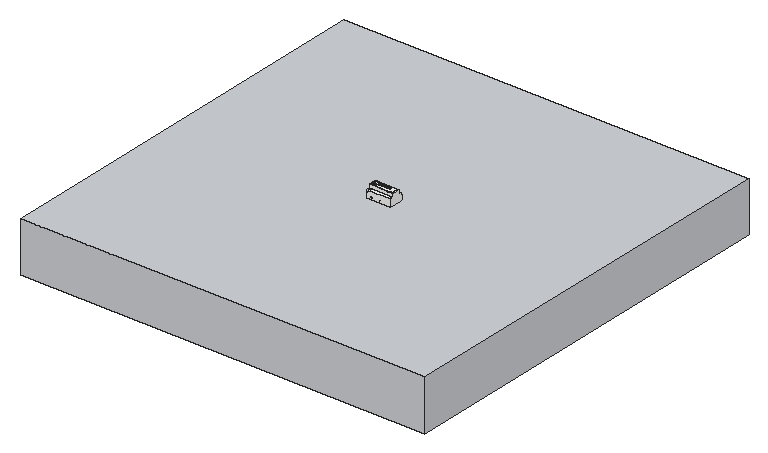
Revit family "Gira_107900", category Elektroinstallationen, Revit 2017
Family settings
  Basisbauteil = Fläche
  Beschriftungsausrichtung beibehalten = Nein
  Bemaßung runder Anschluss = Durchmesser verwenden
  Teiletyp = Normal
  Beim Laden mit Abzugskörper schneiden = Nein
  Gemeinsam genutzt = Nein
  Raumberechnungspunkt = Nein
Parameters (values of type "Spannungsversorgung 640 mA o.Drossel KNX REG")
  Default Elevation = 1219.2 mm
  URL = "https://www.gira.de/"
  Typname = "Spannungsversorgung 640 mA o.Drossel KNX REG"
  Type Comments = ""
  Produktseite = "https://media.stage.bim.site/t/eyJhbGciOiJIUzI1NiIsInR5cCI6IkpXVCJ9.eyJjdCI6MiwidHUiOiJodHRwOi8va2F0YWxvZy5naXJhLmRlL2RlX0RFL2RhdGVuYmxhdHQuaHRtbD9hcnRpa2VsbnI9MTA3OTAwIiwiY2lkIjoiMzI3N2NjMjMtODFhOS00ZWUzLWE5MGEtYjQ3YmI0YzBiNjE2IiwicmlkIjoiYzgxNWY4MWQ5MmI0YTMzMDcwMmU2NjM4YWUwODVmNGYiLCJwaWQiOiJkY2RjOWQ4YjIyMzkxMzBmYzk3MzcxMzRmMWRkYWJhOWFmYmJlZDBiIiwic2lkIjoiNjM0NzAiLCJ1dCI6MSwibGMiOiJkZSIsImlhdCI6MTYwMDkzODA1OSwiaXNzIjoiaHR0cHM6Ly9hcGkubGl2ZS5iaW0uc2l0ZSIsInN1YiI6ImFkbWluQGJpbXNpdGUuZGV2In0.FGXZKYCOROYPkyL_A2pHABijH3EWGA37W_quSnroMO8"
  Montageart = "REG"
  Model = ""
  Mit LED-Anzeige = no
  Max. Ausgangsstrom = 0.64 A
  Kosten = 0
  Hersteller = "Gira"
  HeinzeBIM = "https://www.heinze.de/bim/spannungsversorgung-640-ma-o-drossel-knx-reg/dcdc9d8b2239130fc9737134f1ddaba9afbbed0b"
  HAN = "107900"
  GTIN = "4010337009115"
  Datenblatt 1 = "https://media.stage.bim.site/t/eyJhbGciOiJIUzI1NiIsInR5cCI6IkpXVCJ9.eyJjdCI6MSwidGYiOiJwdWJsaWMvZ2lyYS9hZThjNTU3LzEwNzkwMC50eHQiLCJjaWQiOiIzMjc3Y2MyMy04MWE5LTRlZTMtYTkwYS1iNDdiYjRjMGI2MTYiLCJyaWQiOiJjODE1ZjgxZDkyYjRhMzMwNzAyZTY2MzhhZTA4NWY0ZiIsInBpZCI6ImRjZGM5ZDhiMjIzOTEzMGZjOTczNzEzNGYxZGRhYmE5YWZiYmVkMGIiLCJzaWQiOiI2MzQ3MCIsInV0IjoxLCJsYyI6ImRlIiwiaWF0IjoxNjAwOTM4MDU5LCJpc3MiOiJodHRwczovL2FwaS5saXZlLmJpbS5zaXRlIiwic3ViIjoiYWRtaW5AYmltc2l0ZS5kZXYifQ.uUJWcLXjsG-1xXOVaqE_p_g8uScmzU6LkQrYUZJvtzc/107900.txt"
  Datenblatt = "https://media.stage.bim.site/t/eyJhbGciOiJIUzI1NiIsInR5cCI6IkpXVCJ9.eyJjdCI6MSwidHUiOiJodHRwczovL2thdGFsb2cuZ2lyYS5kZS9kZV9ERS9kb3dubG9hZC5odG1sP2FydGlrZWxucj0xMDc5MDAiLCJjaWQiOiIzMjc3Y2MyMy04MWE5LTRlZTMtYTkwYS1iNDdiYjRjMGI2MTYiLCJyaWQiOiJjODE1ZjgxZDkyYjRhMzMwNzAyZTY2MzhhZTA4NWY0ZiIsInBpZCI6ImRjZGM5ZDhiMjIzOTEzMGZjOTczNzEzNGYxZGRhYmE5YWZiYmVkMGIiLCJzaWQiOiI2MzQ3MCIsInV0IjoxLCJsYyI6ImRlIiwiaWF0IjoxNjAwOTM4MDU5LCJpc3MiOiJodHRwczovL2FwaS5saXZlLmJpbS5zaXRlIiwic3ViIjoiYWRtaW5AYmltc2l0ZS5kZXYifQ.6qAQZfcdUvMQEO03wXeO6EIoj3GhO8jGW5h-HuUMKbI"
  Bussystem Powernet = no
  Bussystem LON = no
  Bussystem KNX-Funk = no
  Bussystem KNX = yes
  Bussystem Funkbus = no
  Busspannung pufferbar = yes
  Breite in Teilungseinheiten = 8
  Beschreibung = "KNX Spannungsversorgung 640 mA unterbrechungsfrei  REG Merkmale:  Die unterbrechungsfreie Spannungsversorgung 640 mA erzeugt die KNX Systemspannung.  Mit integrierter Drossel zur Entkopplung der Buslinie von der Spannungsversorgung.  Mit Anschlüssen für einen Bleigelakku zur Pufferung der KNX Spannung bei Netzausfall.  Es können bis zu zwei Bleigelakkumulatoren angeschlossen und über die unterbrechungsfreie Spannungsversorgung geladen werden.  Mit einem Temperaturfühler wird die Ladespannung temperaturabhängig geregelt.  Die unterbrechungsfreie Spannungsversorgung besitzt einen potenzialfreien Wechselkontakt zum Melden einer Störung (z. B. Netzausfall, Akku-Fehler, Überlast bzw. Kurzschluss).  Hinweise :  Der Anschluss erfolgt über KNX Busanschluss- bzw. Abzweigklemmen (keine Datenschiene erforderlich).  Empfehlung: Überspannungsschutz für Gira KNX Produkte.  Überspannungsableiter BUStector BT 24, Fabrikat: DEHN + SÖHNE, Artikel-Nr. 925001."
  Assembly Code = ""
  Keynote = ""
  BIMSITE_PRODUCT_ID = "dcdc9d8b2239130fc9737134f1ddaba9afbbed0b"
  BIM = "https://media.stage.bim.site/t/eyJhbGciOiJIUzI1NiIsInR5cCI6IkpXVCJ9.eyJjdCI6MSwidGYiOiJwdWJsaWMvZ2lyYS9hZThjNTU3L1JFRyAxNmYucmZhIiwiY2lkIjoiMzI3N2NjMjMtODFhOS00ZWUzLWE5MGEtYjQ3YmI0YzBiNjE2IiwicmlkIjoiYzgxNWY4MWQ5MmI0YTMzMDcwMmU2NjM4YWUwODVmNGYiLCJwaWQiOiJkY2RjOWQ4YjIyMzkxMzBmYzk3MzcxMzRmMWRkYWJhOWFmYmJlZDBiIiwic2lkIjoiNjM0NzAiLCJ1dCI6NSwibGMiOiJkZSIsImlhdCI6MTYwMDkzODA1OSwiaXNzIjoiaHR0cHM6Ly9hcGkubGl2ZS5iaW0uc2l0ZSIsInN1YiI6ImFkbWluQGJpbXNpdGUuZGV2In0.cq2rF06sSAVkwjSlkfZW7oBpF3yHqb0PXjQPkeu-d9o/REG 16f.rfa"
  Anzahl der integrierten Drosseln = 0
  Andere Bussysteme = "ohne"
Reference planes
  plane 1 "Center (Front/Back)": y = 0
  plane 2: z = 0
  plane 3 "Center (Left/Right)": x = 0
Forms (mm)
  Extrusion 1, solid
    sketch origin (0, 0, 0) x (1, 0, 0) y (0, 1, 0)
      loop
        line (-1219.2, 1219.2) -> (-1219.2, -1219.2) -> (1219.2, -1219.2) -> (1219.2, 1219.2) -> (-1219.2, 1219.2)
    from 0 to -304.8
  Extrusion 2, solid, material "White", detail levels fine
    sketch origin (-36, 0, 0) x (0, 1, 0) y (0, 0, 1)
      loop
        line (45.125, -2.619) -> (45.125, 24.95) -> (33.875, 24.95) -> (33.875, 43.8) -> (22.575, 43.8) -> (22.575, 62.05)
        arc (22.575, 62.05) -> (22.311, 62.686) -> (21.675, 62.95) r 0.9
        line (21.675, 62.95) -> (-21.175, 62.95)
        arc (-21.175, 62.95) -> (-21.785, 62.758) -> (-22.175, 62.25) r 1.064
        line (-22.175, 62.25) -> (-22.175, 43.8) -> (-44.725, 43.8) -> (-44.725, -2.619)
        arc (-44.725, -2.619) -> (-31.081, -5.433) -> (-17.243, -7.049) r 160
        line (-17.243, -7.049) -> (-13.165, -1.734) -> (-16.399, -0.807) -> (-16.399, 0) -> (17.8, 0) -> (17.8, -1.4) -> (16.8, -1.4) -> (14.749, -4.952)
        arc (14.749, -4.952) -> (18.64, -6.184) -> (22.7, -6.6) r 20
        arc (22.7, -6.6) -> (33.983, -5.009) -> (45.125, -2.619) r 160
    from -36 to 108
  Extrusion 3, void, detail levels fine
    sketch origin (-34, 0, 0) x (1, 0, 0) y (0, 1, 0)
      loop
        circle (30, 26.925) r 2.55
      loop
        circle (21.75, 26.925) r 2.55
      loop
        circle (12.75, 26.925) r 2.55
      loop
        circle (4.5, 26.925) r 2.55
      loop
        circle (-4.5, 26.925) r 2.55
      loop
        circle (-12.75, 26.925) r 2.55
      loop
        circle (-21.75, 26.925) r 2.55
      loop
        circle (-30, 26.925) r 2.55
    from 37.936 to 43.8
  Extrusion 4, void, detail levels fine
    sketch origin (-34, 11.25, -18.85) x (1, 0, 0) y (0, 1, 0)
      loop
        circle (30, 26.925) r 2.55
      loop
        circle (21.75, 26.925) r 2.55
      loop
        circle (12.75, 26.925) r 2.55
      loop
        circle (4.5, 26.925) r 2.55
      loop
        circle (-4.5, 26.925) r 2.55
      loop
        circle (-12.75, 26.925) r 2.55
      loop
        circle (-21.75, 26.925) r 2.55
      loop
        circle (-30, 26.925) r 2.55
    from 37.936 to 43.8
  Extrusion 5, void, detail levels fine
    sketch origin (-36, 0, 0) x (1, 0, 0) y (0, 1, 0)
      loop
        circle (-13, -3.875) r 3
      loop
        circle (-23, -3.875) r 3
      loop
        circle (-23, -13.875) r 3
      loop
        circle (-13, -13.875) r 3
      loop
        circle (-29, -3.875) r 1.575
      loop
        circle (-29, -13.875) r 1.575
      loop
        circle (-7, -13.875) r 1.575
      loop
        circle (2.006, 5.325) r 1.625
      loop
        circle (6.406, 5.325) r 1.575
      loop
        circle (10.806, 5.325) r 1.625
      loop
        circle (15.206, 5.325) r 1.625
      loop
        circle (19.606, 5.325) r 1.625
      loop
        circle (24.006, 5.325) r 1.625
      loop
        circle (28.406, 5.325) r 1.575
      loop
        circle (32.806, 5.325) r 1.625
      loop
        circle (37.006, 5.325) r 1.625
      loop
        circle (41.406, 5.325) r 1.575
      loop
        circle (45.806, 5.325) r 1.625
      loop
        circle (50.206, 5.325) r 1.625
      loop
        circle (54.606, 5.325) r 1.625
      loop
        circle (59.006, 5.325) r 1.625
      loop
        circle (63.406, 5.325) r 1.575
      loop
        circle (67.806, 5.325) r 1.625
    from 58.253 to 62.95
  Extrusion 6, void, detail levels fine
    sketch origin (-36, 0, 0) x (1, 0, 0) y (0, 1, 0)
      loop
        line (-32.175, -32.6) -> (-32.175, -34.9) -> (-31.24, -34.36) -> (-31.401, -37.165) -> (-32.175, -36.7) -> (-32.175, -44.875) -> (-20.175, -44.875) -> (-20.175, -37.33) -> (-19.075, -37.965) -> (-19.075, -33.635) -> (-20.175, -34.27) -> (-20.175, -32.6) -> (-32.175, -32.6)
    from 28.5 to 43.8
  Extrusion 7, solid, detail levels fine
    sketch origin (-36, 0, 0) x (1, 0, 0) y (0, 1, 0)
      loop
        circle (-29.375, -36.2) r 0.5
      loop
        circle (-23.575, -36.2) r 0.5
    from 28.5 to 37.5
  Extrusion 8, void, detail levels fine
    sketch origin (-34, 0, 0) x (1, 0, 0) y (0, 0, 1)
      loop
        line (32.368, 26.75) -> (32.35, 28.865) -> (32.319, 32.45) -> (27.731, 32.45) -> (27.682, 26.75) -> (32.368, 26.75)
      loop
        line (24.118, 26.75) -> (24.1, 28.865) -> (24.069, 32.45) -> (19.481, 32.45) -> (19.432, 26.75) -> (24.118, 26.75)
      loop
        line (15.118, 26.75) -> (15.1, 28.865) -> (15.069, 32.45) -> (10.481, 32.45) -> (10.432, 26.75) -> (15.118, 26.75)
      loop
        line (6.868, 26.75) -> (6.85, 28.865) -> (6.819, 32.45) -> (2.231, 32.45) -> (2.182, 26.75) -> (6.868, 26.75)
      loop
        line (-2.182, 26.75) -> (-2.2, 28.865) -> (-2.231, 32.45) -> (-6.819, 32.45) -> (-6.868, 26.75) -> (-2.182, 26.75)
      loop
        line (-10.432, 26.75) -> (-10.45, 28.865) -> (-10.481, 32.45) -> (-15.069, 32.45) -> (-15.118, 26.75) -> (-10.432, 26.75)
      loop
        line (-19.35, 26.75) -> (-19.369, 28.865) -> (-19.4, 32.45) -> (-23.987, 32.45) -> (-24.037, 26.75) -> (-19.35, 26.75)
      loop
        line (-27.682, 26.75) -> (-27.7, 28.865) -> (-27.731, 32.45) -> (-32.319, 32.45) -> (-32.368, 26.75) -> (-27.682, 26.75)
    from -29.206 to -33.875
  Extrusion 9, void, detail levels fine
    sketch origin (-34, 11.25, -19.567) x (1, 0, 0) y (0, 0, 1)
      loop
        line (32.368, 26.75) -> (32.35, 28.865) -> (32.319, 32.45) -> (27.731, 32.45) -> (27.682, 26.75) -> (32.368, 26.75)
      loop
        line (24.118, 26.75) -> (24.1, 28.865) -> (24.069, 32.45) -> (19.481, 32.45) -> (19.432, 26.75) -> (24.118, 26.75)
      loop
        line (15.118, 26.75) -> (15.1, 28.865) -> (15.069, 32.45) -> (10.481, 32.45) -> (10.432, 26.75) -> (15.118, 26.75)
      loop
        line (6.868, 26.75) -> (6.85, 28.865) -> (6.819, 32.45) -> (2.231, 32.45) -> (2.182, 26.75) -> (6.868, 26.75)
      loop
        line (-2.182, 26.75) -> (-2.2, 28.865) -> (-2.231, 32.45) -> (-6.819, 32.45) -> (-6.868, 26.75) -> (-2.182, 26.75)
      loop
        line (-10.432, 26.75) -> (-10.45, 28.865) -> (-10.481, 32.45) -> (-15.069, 32.45) -> (-15.118, 26.75) -> (-10.432, 26.75)
      loop
        line (-19.35, 26.75) -> (-19.369, 28.865) -> (-19.4, 32.45) -> (-23.987, 32.45) -> (-24.037, 26.75) -> (-19.35, 26.75)
      loop
        line (-27.682, 26.75) -> (-27.7, 28.865) -> (-27.731, 32.45) -> (-32.319, 32.45) -> (-32.368, 26.75) -> (-27.682, 26.75)
    from -29.206 to -33.875
  Extrusion 10, solid, material "White", detail levels fine
    sketch origin (-36, 0, 0) x (1, 0, 0) y (0, 1, 0)
      loop
        circle (2.006, 5.325) r 1.625
      loop
        circle (6.406, 5.325) r 1.575
      loop
        circle (10.806, 5.325) r 1.625
      loop
        circle (15.206, 5.325) r 1.625
      loop
        circle (19.606, 5.325) r 1.625
      loop
        circle (24.006, 5.325) r 1.625
      loop
        circle (28.406, 5.325) r 1.575
      loop
        circle (32.806, 5.325) r 1.625
      loop
        circle (-29, -3.875) r 1.575
      loop
        circle (-29, -13.875) r 1.575
      loop
        circle (-7, -13.875) r 1.575
      loop
        circle (37.006, 5.325) r 1.625
      loop
        circle (41.406, 5.325) r 1.575
      loop
        circle (45.806, 5.325) r 1.625
      loop
        circle (50.206, 5.325) r 1.625
      loop
        circle (54.606, 5.325) r 1.625
      loop
        circle (59.006, 5.325) r 1.625
      loop
        circle (63.406, 5.325) r 1.575
      loop
        circle (67.806, 5.325) r 1.625
    from 58.253 to 62.25
  Extrusion 11, solid, material "White", detail levels fine
    sketch origin (-36, 0, 0) x (1, 0, 0) y (0, 1, 0)
      loop
        circle (-23, -3.875) r 3
      loop
        circle (-13, -3.875) r 3
      loop
        circle (-23, -13.875) r 3
      loop
        circle (-13, -13.875) r 3
    from 58.253 to 63.841
  Extrusion 12, solid, material "White", detail levels fine
    sketch origin (-36, 0, 0) x (0, 1, 0) y (0, 0, 1)
      loop
        line (45.125, -2.619) -> (45.125, 24.95) -> (33.875, 24.95) -> (33.875, 43.8) -> (22.575, 43.8) -> (22.575, 62.05)
        arc (22.575, 62.05) -> (22.311, 62.686) -> (21.675, 62.95) r 0.9
        line (21.675, 62.95) -> (-21.175, 62.95)
        arc (-21.175, 62.95) -> (-21.785, 62.758) -> (-22.175, 62.25) r 1.064
        line (-22.175, 62.25) -> (-22.175, 43.8) -> (-44.725, 43.8) -> (-44.725, -2.619)
        arc (-44.725, -2.619) -> (-31.081, -5.433) -> (-17.243, -7.049) r 160
        line (-17.243, -7.049) -> (-13.165, -1.734) -> (-16.399, -0.807) -> (-16.399, 0) -> (17.8, 0) -> (17.8, -1.4) -> (16.8, -1.4) -> (14.749, -4.952)
        arc (14.749, -4.952) -> (18.64, -6.184) -> (22.7, -6.6) r 20
        arc (22.7, -6.6) -> (33.983, -5.009) -> (45.125, -2.619) r 160
    from -36 to 108
  Extrusion 13, void, detail levels fine
    sketch origin (34, 0, 0) x (-1, 0, 0) y (0, -1, 0)
      loop
        circle (30, -26.925) r 2.55
      loop
        circle (21.75, -26.925) r 2.55
      loop
        circle (12.75, -26.925) r 2.55
      loop
        circle (4.5, -26.925) r 2.55
      loop
        circle (-4.5, -26.925) r 2.55
      loop
        circle (-12.75, -26.925) r 2.55
      loop
        circle (-21.75, -26.925) r 2.55
      loop
        circle (-30, -26.925) r 2.55
    from 37.936 to 43.8
  Extrusion 14, void, detail levels fine
    sketch origin (34, 11.25, -18.85) x (-1, 0, 0) y (0, -1, 0)
      loop
        circle (30, -26.925) r 2.55
      loop
        circle (21.75, -26.925) r 2.55
      loop
        circle (12.75, -26.925) r 2.55
      loop
        circle (4.5, -26.925) r 2.55
      loop
        circle (-4.5, -26.925) r 2.55
      loop
        circle (-12.75, -26.925) r 2.55
      loop
        circle (-21.75, -26.925) r 2.55
      loop
        circle (-30, -26.925) r 2.55
    from 37.936 to 43.8
  Extrusion 15, void, detail levels fine
    sketch origin (34, 0, 0) x (-1, 0, 0) y (0, 0, -1)
      loop
        line (32.368, -26.75) -> (27.682, -26.75) -> (27.731, -32.45) -> (32.319, -32.45) -> (32.35, -28.865) -> (32.368, -26.75)
      loop
        line (24.118, -26.75) -> (19.432, -26.75) -> (19.481, -32.45) -> (24.069, -32.45) -> (24.1, -28.865) -> (24.118, -26.75)
      loop
        line (15.118, -26.75) -> (10.432, -26.75) -> (10.481, -32.45) -> (15.069, -32.45) -> (15.1, -28.865) -> (15.118, -26.75)
      loop
        line (6.868, -26.75) -> (2.182, -26.75) -> (2.231, -32.45) -> (6.819, -32.45) -> (6.85, -28.865) -> (6.868, -26.75)
      loop
        line (-2.182, -26.75) -> (-6.868, -26.75) -> (-6.819, -32.45) -> (-2.231, -32.45) -> (-2.2, -28.865) -> (-2.182, -26.75)
      loop
        line (-10.432, -26.75) -> (-15.118, -26.75) -> (-15.069, -32.45) -> (-10.481, -32.45) -> (-10.45, -28.865) -> (-10.432, -26.75)
      loop
        line (-19.35, -26.75) -> (-24.037, -26.75) -> (-23.987, -32.45) -> (-19.4, -32.45) -> (-19.369, -28.865) -> (-19.35, -26.75)
      loop
        line (-27.682, -26.75) -> (-32.368, -26.75) -> (-32.319, -32.45) -> (-27.731, -32.45) -> (-27.7, -28.865) -> (-27.682, -26.75)
    from -29.206 to -33.875
  Extrusion 16, void, detail levels fine
    sketch origin (34, 11.25, -19.567) x (-1, 0, 0) y (0, 0, -1)
      loop
        line (32.368, -26.75) -> (27.682, -26.75) -> (27.731, -32.45) -> (32.319, -32.45) -> (32.35, -28.865) -> (32.368, -26.75)
      loop
        line (24.118, -26.75) -> (19.432, -26.75) -> (19.481, -32.45) -> (24.069, -32.45) -> (24.1, -28.865) -> (24.118, -26.75)
      loop
        line (15.118, -26.75) -> (10.432, -26.75) -> (10.481, -32.45) -> (15.069, -32.45) -> (15.1, -28.865) -> (15.118, -26.75)
      loop
        line (6.868, -26.75) -> (2.182, -26.75) -> (2.231, -32.45) -> (6.819, -32.45) -> (6.85, -28.865) -> (6.868, -26.75)
      loop
        line (-2.182, -26.75) -> (-6.868, -26.75) -> (-6.819, -32.45) -> (-2.231, -32.45) -> (-2.2, -28.865) -> (-2.182, -26.75)
      loop
        line (-10.432, -26.75) -> (-15.118, -26.75) -> (-15.069, -32.45) -> (-10.481, -32.45) -> (-10.45, -28.865) -> (-10.432, -26.75)
      loop
        line (-19.35, -26.75) -> (-24.037, -26.75) -> (-23.987, -32.45) -> (-19.4, -32.45) -> (-19.369, -28.865) -> (-19.35, -26.75)
      loop
        line (-27.682, -26.75) -> (-32.368, -26.75) -> (-32.319, -32.45) -> (-27.731, -32.45) -> (-27.7, -28.865) -> (-27.682, -26.75)
    from -29.206 to -33.875
  Extrusion 17, solid, material "White", detail levels medium
    sketch origin (0, 0, 0) x (0, 1, 0) y (0, 0, 1)
      loop
        line (22.575, 63.841) -> (-22.175, 63.841) -> (-22.175, 43.8) -> (-44.725, 43.8) -> (-44.725, -7.049) -> (45.125, -7.049) -> (45.125, 24.95) -> (33.875, 24.95) -> (33.875, 43.8) -> (22.575, 43.8) -> (22.575, 63.841)
    from -72 to 72
  Extrusion 18, solid, material "White", detail levels coarse
    sketch origin (0, 0, 0) x (0, 1, 0) y (0, 0, 1)
      loop
        line (45.125, 63.841) -> (-44.725, 63.841) -> (-44.725, -7.049) -> (45.125, -7.049) -> (45.125, 63.841)
    from -72 to 72
Cuts and joins
  Extrusion 3, Extrusion 4, Extrusion 5, Extrusion 6, Extrusion 8, Extrusion 9, Extrusion 13, Extrusion 14, Extrusion 15, Extrusion 16 cuts Extrusion 2
  Extrusion 3, Extrusion 4, Extrusion 5, Extrusion 6, Extrusion 8, Extrusion 9, Extrusion 13, Extrusion 14, Extrusion 15, Extrusion 16 cuts Extrusion 12
Dimensions and locks
  aligned and locked: plane 2 to Extrusion 1
  aligned and locked: level to Extrusion 1
